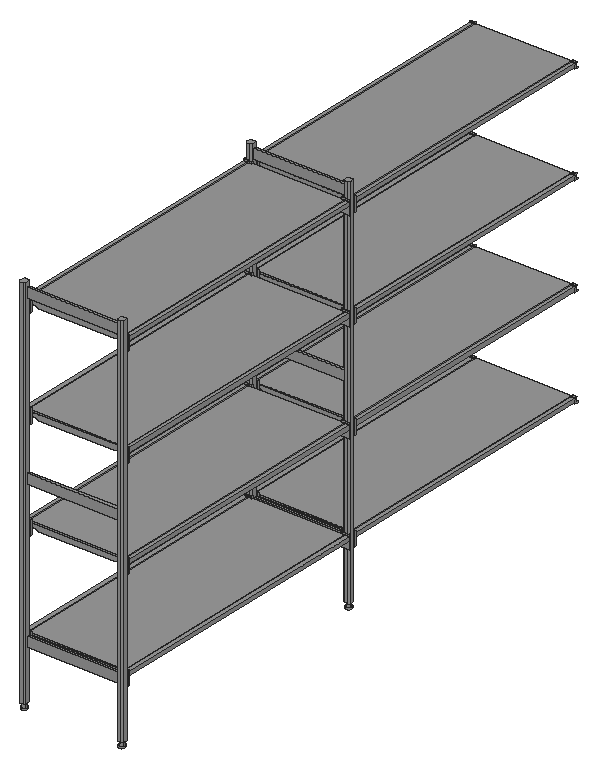
Revit family "QF_ELECTROLUXPROFESSIONAL_137087_CLS2548", category Attrezzature speciali, Revit 2020 (continued)
Definition of nested family "WT_Aggancio475"
  Dimensions and locks
    "Depth": plane 3 "BACK" to plane 4 "FRONT"
    "Dint": plane 7 to plane 8
    equal spacing: plane 7, plane 6 "Center (Front/Back)", plane 8
    equal spacing: plane 3 "BACK", plane 6 "Center (Front/Back)", plane 4 "FRONT"
    plane 9 "FEET" to level = 25.0 mm
    plane 5 "TOP" to plane 9 "FEET" = 1700.0 mm
    plane 10 to plane 9 "FEET" = 250.0 mm
    plane 11 to plane 10 = 450.0 mm
    plane 12 to plane 11 = 450.0 mm
    plane 13 to plane 12 = 450.0 mm
    locked: plane 3 "BACK" to plane 15 "CYBack" at 17.5
    locked: plane 16 "CYFront" to plane 4 "FRONT" at 17.5
    aligned and locked: level to plane 1
    aligned and locked: Extrusion 1 sketch curve to Extrusion 1 sketch curve  (x3)
  Automatic sketch dimensions
    plane 16 "CYFront" to Extrusion 1 sketch curve = 1.478 mm  (x4)
    Extrusion 1 sketch curve to Extrusion 1 sketch curve = 2.0 mm
    plane 8 to Extrusion 1 sketch curve = 3.478 mm  (x4)
    Extrusion 1 sketch curve to plane 10 = 4.006 mm
    Extrusion 1 sketch curve to Extrusion 1 sketch curve = 34.0 mm  (x4)
    Extrusion 1 sketch curve to plane 11 = 4.006 mm
    Extrusion 1 sketch curve to plane 12 = 4.006 mm
    Extrusion 1 sketch curve to plane 13 = 4.006 mm
    Extrusion 1 sketch curve to plane 7 = 37.522 mm  (x4)
    Extrusion 1 sketch curve to plane 7 = 3.522 mm  (x4)
    plane 14 to Extrusion 1 sketch curve = 3.516 mm  (x4)
    plane 14 to Extrusion 1 sketch curve = 1.522 mm  (x4)
    plane 10 to Extrusion 1 sketch curve = 7.998 mm  (x2)
    Extrusion 1 sketch curve to Extrusion 1 sketch curve = 11.498 mm  (x4)
    Extrusion 1 sketch curve to Extrusion 1 sketch curve = 6.499 mm  (x8)
    plane 11 to Extrusion 1 sketch curve = 7.998 mm  (x2)
    plane 12 to Extrusion 1 sketch curve = 7.998 mm  (x2)
    plane 13 to Extrusion 1 sketch curve = 7.998 mm  (x2)
    plane 2 "LEFT" to Extrusion 2 sketch curve = 0.0 mm  (x4)
    plane 13 to Extrusion 2 sketch curve = 7.996 mm
    plane 11 to Extrusion 2 sketch curve = 7.996 mm
    Extrusion 2 sketch curve to Extrusion 2 sketch curve = 5.0 mm  (x4)
    plane 11 to Extrusion 2 sketch curve = 2.494 mm
    plane 10 to Extrusion 2 sketch curve = 28.996 mm
    Extrusion 2 sketch curve to Extrusion 2 sketch curve = 3.0 mm  (x4)
    plane 10 to Extrusion 2 sketch curve = 7.996 mm
    plane 10 to Extrusion 2 sketch curve = 2.494 mm
    Extrusion 2 sketch curve to Extrusion 2 sketch curve = 18.0 mm  (x3)
    plane 12 to Extrusion 2 sketch curve = 2.494 mm
    plane 12 to Extrusion 2 sketch curve = 7.996 mm
    plane 13 to Extrusion 2 sketch curve = 2.494 mm
    plane 2 "LEFT" to Extrusion 3 sketch curve = 0.0 mm  (x4)
    plane 13 to Extrusion 3 sketch curve = 7.996 mm
    plane 11 to Extrusion 3 sketch curve = 7.996 mm
    Extrusion 3 sketch curve to Extrusion 3 sketch curve = 5.0 mm  (x4)
    plane 11 to Extrusion 3 sketch curve = 2.494 mm
    plane 10 to Extrusion 3 sketch curve = 28.996 mm
    Extrusion 3 sketch curve to Extrusion 3 sketch curve = 3.0 mm  (x4)
    plane 10 to Extrusion 3 sketch curve = 7.996 mm
    plane 10 to Extrusion 3 sketch curve = 2.494 mm
    Extrusion 3 sketch curve to Extrusion 3 sketch curve = 18.0 mm  (x3)
    plane 12 to Extrusion 3 sketch curve = 2.494 mm
    plane 12 to Extrusion 3 sketch curve = 7.996 mm
    plane 13 to Extrusion 3 sketch curve = 2.494 mm
    plane 2 "LEFT" to curve 1 = 5.0 mm
    plane 2 "LEFT" to curve 7 = 5.0 mm
    curve 1 to plane 16 "CYFront" = 17.5 mm
    curve 3 to plane 8 = 12.522 mm
    plane 7 to curve 5 = 12.478 mm
    curve 7 to plane 14 = 17.5 mm
    curve 5 to curve 5 = 4.0 mm
    curve 1 to curve 4 = 4.0 mm
    Extrusion 2 sketch curve to Extrusion 2 sketch curve = 4.0 mm  (x4)
    Extrusion 2 sketch curve to Extrusion 2 sketch curve = 8.969 mm  (x4)
    Extrusion 3 sketch curve to Extrusion 3 sketch curve = 4.0 mm  (x4)
    Extrusion 3 sketch curve to Extrusion 3 sketch curve = 8.969 mm  (x4)
